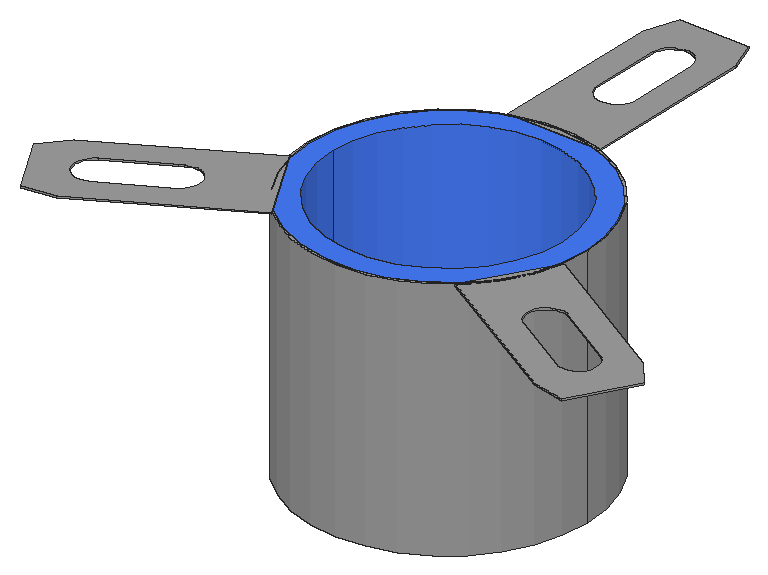
Revit family "Firestop-Wrap_Strip-STI-Series_SS_WBLU_Sealant_1_to_4_floor", category Specialty Equipment, host Floor, Revit 2026
Family settings
  Host = Floor
  Round Connector Dimension = Use Diameter
  Part Type = Normal
  Classification Number = 23.20.50.14.11
  Enable Cutting in Views = No
  Always vertical = Yes
  Cut with Voids When Loaded = No
  Maintain Annotation Orientation = No
  Shared = No
  Room Calculation Point = No
Parameters (values of type "01.5 Pipe")
  URL = "http://www.stifirestop.com/"
  Tested Systems = "http://sti.fmpdata.net/system_search.html"
  Systems  (See "Tested Systems" for addtional) = ""
  Stack height = 0' - 2"
  Screw Hole Width = 0' - 0 5/16"
  Product Page URL = "http://www.stifirestop.com/products/product-selector/ssw-intumescent-wrap-strip/"
  Product Documentation Link = "http://files.systems.stifirestop.com/4.%20Product%20Data%20Sheets/1.%20English/PDS_SSW125,%20SSW250,%20SSW375%20Wrap%20Strip.pdf"
  Pipe OD = 0' - 1 115/128"
  Material = ""
  Manufacturer Phone No. = "800.992.1180"
  Manufacturer Fax No. = "908.526.9623"
  Manufacture Address = "210 Evans Way, Somerville, NJ 08876"
  MSDS = "http://files.systems.stifirestop.com/5.%20Safety%20Data%20Sheet/1.%20English/SDS_BLU%20Wrap%20Strip.pdf"
  Locate Distributor = "http://www.stifirestop.com/"
  Guide Specification = "http://www.stifirestop.com/technical-library/sti-guide-specs/"
  Green Building/LEED® Information = "http://sti.fmpdata.net/ftp/letters/General_LEED_Letter.pdf"
  Galvanized_STI_Steel-Collar = Rap
  Mounting Tabs Small Width = 0' - 0 9/16"
  Mounting Tabs Large Width = 0' - 0 3/4"
  Mounting Tab ID = 0' - 1 11/128"
  Model = "SSWBLU"
  Manufacturer = "Specified Technologies Inc."
  ID of Collar = 0' - 2 35/128"
  Firestop_STI_Intumescent-Blue = STI Molded Intrumescent Insert blu
  Fire Rating = "Up to 4 Hr"
  Description = "Blue Wrap Strip (2\" X 3/16\" X 12')"
  Default Elevation = 0' - 0"
  Contact Technical Service = "http://www.stifirestop.com/contact/"
  Contact Sales = "http://www.stifirestop.com/contact/"
  Color = ""
  Assembly Code = "D4030900"
Types (7): name | Stack height | Screw Hole Width | Pipe OD | Material | Mounting Tabs Small Width | Mounting Tabs Large Width | Mounting Tab ID | ID of Collar | Color
  (no name) | 0' - 2" | 0' - 0 5/16" | 0' - 1 115/128" | "" | 0' - 0 9/16" | 0' - 0 3/4" | 0' - 1 11/128" | 0' - 2 35/128" | ""
  01.5 Pipe | 0' - 2" | 0' - 0 5/16" | 0' - 1 115/128" | "" | 0' - 0 9/16" | 0' - 0 3/4" | 0' - 1 11/128" | 0' - 2 35/128" | ""
  02 Pipe | 0' - 2" | 0' - 0 5/16" | 0' - 2 3/8" | "" | 0' - 0 9/16" | 0' - 0 3/4" | 0' - 1 83/256" | 0' - 2 3/4" | ""
  02.5 Pipe | 0' - 2" | 0' - 0 5/16" | 0' - 2 7/8" | "" | 0' - 0 9/16" | 0' - 0 3/4" | 0' - 1 195/256" | 0' - 3 5/8" | ""
  03 Pipe | 0' - 1 1/2" | 0' - 0 3/8" | 0' - 3 1/2" | "" | 0' - 0 1/2" | 0' - 1" | 0' - 2 19/256" | 0' - 4 1/4" | ""
  03.5 Pipe | 0' - 2" | 0' - 0 3/8" | 0' - 4" | "" | 0' - 0 1/2" | 0' - 1" | 0' - 2 131/256" | 0' - 5 1/8" | ""
  04 Pipe | 0' - 2" | 0' - 0 3/8" | 0' - 4 1/2" | "Flexible intumescent strip faced with plastic" | 0' - 0 1/2" | 0' - 1" | 0' - 2 195/256" | 0' - 5 5/8" | "BLUE"
Reference planes (in)
  plane 1 "Center (Front/Back)": y = 0
  plane 2: z = 0
  plane 3 "Center (Left/Right)": x = 0
  plane 4: x = -0.94922
  plane 5: x = 0.94922
  plane 6: x = -1.13672
  plane 7: x = -1.14872
  plane 8: x = 1.13672
  plane 9: x = 1.14872
  plane 10: z = -14
  plane 11: y = 1.08594
  plane 12: x = -0.375
  plane 13: y = 2.73347
  plane 14: x = -0.28125
  plane 15: x = 0.375
  plane 16: x = 0.28125
  plane 17: y = 2.48347
  plane 18: y = 1.73347
  plane 19: y = 2.29597
  plane 20: x = -0.15625
  plane 21: x = 0.15625
  plane 22: z = -12.012
  plane 23: through (1.34164, 0.15191, 48) normal (0.866, -0.5, 0)
  plane 24: through (2.74422, -1.15137, 48) normal (0.5, 0.866, 0)
  plane 25: through (2.76844, -0.67185, 48) normal (0.866, -0.5, 0)
  plane 26: through (2.69735, -1.23256, 48) normal (0.5, 0.866, 0)
  plane 27: through (2.36922, -1.80088, 48) normal (0.5, 0.866, 0)
  plane 28: through (2.4161, -1.71969, 48) normal (0.5, 0.866, 0)
  plane 29: through (2.55194, -0.54685, 48) normal (0.866, -0.5, 0)
  plane 30: through (1.90242, -0.17185, 48) normal (0.866, -0.5, 0)
  plane 31: through (2.38956, -0.4531, 48) normal (0.866, -0.5, 0)
  plane 32: through (2.55672, -1.47612, 48) normal (0.5, 0.866, 0)
  plane 33: through (2.40047, -1.74676, 48) normal (0.5, 0.866, 0)
  plane 34: through (-0.53926, -1.23785, 48) normal (-0.866, -0.5, 0)
  plane 35: through (-2.36922, -1.80088, 48) normal (0.5, -0.866, 0)
  plane 36: through (-1.96606, -2.06162, 48) normal (-0.866, -0.5, 0)
  plane 37: through (-2.4161, -1.71969, 48) normal (0.5, -0.866, 0)
  plane 38: through (-2.74422, -1.15137, 48) normal (0.5, -0.866, 0)
  plane 39: through (-2.69735, -1.23256, 48) normal (0.5, -0.866, 0)
  plane 40: through (-1.74956, -1.93662, 48) normal (-0.866, -0.5, 0)
  plane 41: through (-1.10004, -1.56162, 48) normal (-0.866, -0.5, 0)
  plane 42: through (-1.58718, -1.84287, 48) normal (-0.866, -0.5, 0)
  plane 43: through (-2.4786, -1.61144, 48) normal (0.5, -0.866, 0)
  plane 44: through (-2.63485, -1.34081, 48) normal (0.5, -0.866, 0)
  plane 45: through (0.40119, -0.69488, 48) normal (-0.866, -0.5, 0)
  plane 46: through (0.40119, 0.69488, 48) normal (0.866, -0.5, 0)
  plane 47: through (0, 0, 48) normal (0.5, 0.866, 0)
  plane 48: through (0, 0, 48) normal (0.5, -0.866, 0)
  plane 49: through (2.74422, -1.15137, 48) normal (0.5, 0.866, 0)
  plane 50: through (2.69735, -1.23256, 48) normal (0.5, 0.866, 0)
  plane 51: through (2.36922, -1.80088, 48) normal (0.5, 0.866, 0)
  plane 52: through (2.4161, -1.71969, 48) normal (0.5, 0.866, 0)
  plane 53: through (2.55672, -1.47612, 48) normal (0.5, 0.866, 0)
  plane 54: through (2.40047, -1.74676, 48) normal (0.5, 0.866, 0)
  plane 55: through (2.74422, -1.15137, 48) normal (0.5, 0.866, 0)
  plane 56: through (2.69735, -1.23256, 48) normal (0.5, 0.866, 0)
  plane 57: through (2.36922, -1.80088, 48) normal (0.5, 0.866, 0)
  plane 58: through (2.4161, -1.71969, 48) normal (0.5, 0.866, 0)
  plane 59: through (2.65047, -1.31375, 48) normal (0.5, 0.866, 0)
  plane 60: through (2.46297, -1.6385, 48) normal (0.5, 0.866, 0)
  plane 61: through (2.74422, -1.15137, 48) normal (0.5, 0.866, 0)
  plane 62: through (2.69735, -1.23256, 48) normal (0.5, 0.866, 0)
  plane 63: through (2.36922, -1.80088, 48) normal (0.5, 0.866, 0)
  plane 64: through (2.4161, -1.71969, 48) normal (0.5, 0.866, 0)
  plane 65: through (2.63485, -1.34081, 48) normal (0.5, 0.866, 0)
  plane 66: through (2.4786, -1.61144, 48) normal (0.5, 0.866, 0)
  plane 67: through (-3.07306, -2.70074, 48) normal (-0.866, -0.5, 0)
  plane 68: through (-2.36922, -1.80088, 48) normal (0.5, -0.866, 0)
  plane 69: through (-4.49986, -3.52451, 48) normal (-0.866, -0.5, 0)
  plane 70: through (-2.4161, -1.71969, 48) normal (0.5, -0.866, 0)
  plane 71: through (-2.74422, -1.15137, 48) normal (0.5, -0.866, 0)
  plane 72: through (-2.69735, -1.23256, 48) normal (0.5, -0.866, 0)
  plane 73: through (-4.28336, -3.39951, 48) normal (-0.866, -0.5, 0)
  plane 74: through (-3.63384, -3.02451, 48) normal (-0.866, -0.5, 0)
  plane 75: through (-4.12098, -3.30576, 48) normal (-0.866, -0.5, 0)
  plane 76: through (-2.4786, -1.61144, 48) normal (0.5, -0.866, 0)
  plane 77: through (-2.63485, -1.34081, 48) normal (0.5, -0.866, 0)
Forms (in)
  Extrusion 1, solid, material "Rap" <- "Galvanized_STI_Steel-Collar"
    sketch origin (0, 0, 0) x (1, 0, 0) y (0, 1, 0)
      loop
        circle (0, 0) r 1.14872
      loop
        circle (0, 0) r 1.13672
    from -12 to -14
  Extrusion 2, solid, material "Rap" <- "Galvanized_STI_Steel-Collar"
    sketch origin (0, 0, 0) x (1, 0, 0) y (0, 1, 0)
      loop
        line (-0.375, 2.48347) -> (-0.375, 1.08594) -> (0.375, 1.08594) -> (0.375, 2.48347) -> (0.28125, 2.73347) -> (-0.28125, 2.73347) -> (-0.375, 2.48347)
      loop
        line (-0.15625, 2.29597) -> (-0.15625, 1.73347)
        arc (-0.15625, 1.73347) -> (0, 1.57722) -> (0.15625, 1.73347) r 0.15625
        line (0.15625, 1.73347) -> (0.15625, 2.29597)
        arc (0.15625, 2.29597) -> (0, 2.45222) -> (-0.15625, 2.29597) r 0.15625
    from -12 to -12.012
  Extrusion 3, solid, material "Rap" <- "Galvanized_STI_Steel-Collar"
    sketch origin (0, 0, 0) x (-0.5, 0.866025, 0) y (-0.866025, -0.5, 0)
      loop
        line (-0.375, 2.48347) -> (-0.375, 1.08594) -> (0.375, 1.08594) -> (0.375, 2.48347) -> (0.28125, 2.73347) -> (-0.28125, 2.73347) -> (-0.375, 2.48347)
      loop
        line (-0.15625, 2.29597) -> (-0.15625, 1.73347)
        arc (-0.15625, 1.73347) -> (0, 1.57722) -> (0.15625, 1.73347) r 0.15625
        line (0.15625, 1.73347) -> (0.15625, 2.29597)
        arc (0.15625, 2.29597) -> (0, 2.45222) -> (-0.15625, 2.29597) r 0.15625
    from -12 to -12.012
  Extrusion 4, solid, material "Rap" <- "Galvanized_STI_Steel-Collar"
    sketch origin (0, 0, 0) x (-0.5, -0.866025, 0) y (0.866025, -0.5, 0)
      loop
        line (-0.375, 2.48347) -> (-0.375, 1.08594) -> (0.375, 1.08594) -> (0.375, 2.48347) -> (0.28125, 2.73347) -> (-0.28125, 2.73347) -> (-0.375, 2.48347)
      loop
        line (-0.15625, 2.29597) -> (-0.15625, 1.73347)
        arc (-0.15625, 1.73347) -> (0, 1.57722) -> (0.15625, 1.73347) r 0.15625
        line (0.15625, 1.73347) -> (0.15625, 2.29597)
        arc (0.15625, 2.29597) -> (0, 2.45222) -> (-0.15625, 2.29597) r 0.15625
    from -12 to -12.012
  Extrusion 5, solid, material "STI Molded Intrumescent Insert blu" <- "Firestop_STI_Intumescent-Blue"
    sketch origin (0, 0, 0) x (1, 0, 0) y (0, 1, 0)
      loop
        circle (0, 0) r 1.13672
      loop
        circle (0, 0) r 0.94922
    from -14 to -12
Lines and regions (in)
  Opening 1
    outline origin (60, 60, 0) x (0, 1, 0) y (-1, 0, 0)
      loop
        circle (-60, 60) r 0.94922
Dimensions and locks (in)
  equal spacing: host sketch curve, plane 1 "Center (Front/Back)", host sketch curve
  equal spacing: host sketch curve, plane 3 "Center (Left/Right)", host sketch curve
  host sketch curve to host sketch curve = 10' - 0"  (x2)
  equal spacing: plane 4, plane 3 "Center (Left/Right)", plane 5
  "Pipe OD": plane 4 to plane 5
  equal spacing: plane 6, plane 3 "Center (Left/Right)", plane 8
  "ID of Collar": plane 6 to plane 8
  locked: plane 7 to plane 6 at 0.012
  locked: plane 8 to plane 9 at 0.012
  "Stack height": host floor to plane 10
  locked: plane 36 to plane 34 at 1.64753
  locked: plane 36 to plane 41 at 1
  locked: plane 36 to plane 40 at 0.25
  "Mounting Tab ID": plane 34 to plane 45
  locked: plane 25 to plane 23 at 1.64753
  locked: plane 25 to plane 29 at 0.25
  locked: plane 25 to plane 30 at 1
  locked: plane 13 to plane 11 at 1.64753
  locked: plane 13 to plane 17 at 0.25
  locked: plane 13 to plane 18 at 1
  "Mounting Tab ID": plane 11 to plane 1 "Center (Front/Back)"
  equal spacing: plane 20, plane 3 "Center (Left/Right)", plane 21
  "Screw Hole Width": plane 20 to plane 21
  equal spacing: plane 14, plane 3 "Center (Left/Right)", plane 16
  "Mounting Tabs Small Width": plane 14 to plane 16
  equal spacing: plane 12, plane 3 "Center (Left/Right)", plane 15
  "Mounting Tabs Large Width": plane 12 to plane 15
  locked: plane 13 to plane 19 at 0.4375
  locked: plane 25 to plane 31 at 0.4375
  locked: plane 36 to plane 42 at 0.4375
  equal spacing: plane 35, plane 48, plane 38
  "Mounting Tabs Large Width": plane 35 to plane 38
  equal spacing: plane 27, plane 47, plane 24
  "Mounting Tabs Large Width": plane 27 to plane 24
  equal spacing: plane 28, plane 47, plane 26
  "Mounting Tabs Small Width": plane 28 to plane 26
  equal spacing: plane 39, plane 48, plane 37
  "Mounting Tabs Small Width": plane 39 to plane 37
  equal spacing: plane 44, plane 48, plane 43
  "Screw Hole Width": plane 44 to plane 43
  locked: plane 22 to host floor at 0.012
  equal spacing: plane 51, plane 47, plane 49
  "Mounting Tabs Large Width": plane 51 to plane 49
  equal spacing: plane 52, plane 47, plane 50
  "Mounting Tabs Small Width": plane 52 to plane 50
  equal spacing: plane 57, plane 47, plane 55
  equal spacing: plane 58, plane 47, plane 56
  "Mounting Tabs Small Width": plane 58 to plane 56
  equal spacing: plane 60, plane 47, plane 59
  plane 60 to plane 59 = 0' - 0 3/8"
  equal spacing: plane 63, plane 47, plane 61
  equal spacing: plane 64, plane 47, plane 62
  "Mounting Tabs Small Width": plane 64 to plane 62
  equal spacing: plane 66, plane 47, plane 65
  "Screw Hole Width": plane 66 to plane 65
  locked: plane 69 to plane 67 at 1.64753
  locked: plane 69 to plane 74 at 1
  locked: plane 69 to plane 73 at 0.25
  locked: plane 69 to plane 75 at 0.4375
  equal spacing: plane 68, plane 48, plane 71
  "Mounting Tabs Large Width": plane 68 to plane 71
  equal spacing: plane 72, plane 48, plane 70
  "Mounting Tabs Small Width": plane 72 to plane 70
  equal spacing: plane 77, plane 48, plane 76
  "Screw Hole Width": plane 77 to plane 76
  "Mounting Tab ID": plane 23 to plane 46
  aligned and locked: level to plane 2
  aligned and locked: plane 1 "Center (Front/Back)" to Extrusion 1 sketch curve  (x2)
  aligned and locked: plane 9 to Extrusion 1 sketch curve
  aligned and locked: Extrusion 1 to plane 10
  aligned and locked: Extrusion 1 to host floor
  aligned and locked: plane 17 to Extrusion 2 sketch curve
  aligned and locked: Extrusion 2 sketch curve to plane 13
  aligned and locked: plane 12 to Extrusion 2 sketch curve
  aligned and locked: Extrusion 2 sketch curve to plane 11
  aligned and locked: plane 15 to Extrusion 2 sketch curve
  aligned and locked: Extrusion 2 to plane 22
  aligned and locked: Extrusion 2 to host floor
  aligned and locked: Extrusion 1 to Extrusion 2
  aligned and locked: Extrusion 3 to plane 34
  aligned and locked: plane 36 to Extrusion 3
  aligned and locked: Extrusion 3 to plane 38
  aligned and locked: plane 35 to Extrusion 3
  aligned and locked: Extrusion 3 to plane 43
  aligned and locked: plane 44 to Extrusion 3
  aligned and locked: Extrusion 2 to Extrusion 3
  aligned and locked: Extrusion 3 to host floor
  aligned and locked: Extrusion 4 to plane 63
  aligned and locked: plane 61 to Extrusion 4
  aligned and locked: plane 66 to Extrusion 4
  aligned and locked: Extrusion 4 to plane 65
  aligned and locked: Extrusion 4 to host floor
  aligned and locked: Extrusion 4 to plane 22
  aligned and locked: plane 21 to Extrusion 2
  aligned and locked: Extrusion 2 to plane 20
  aligned and locked: plane 6 to Extrusion 5 sketch curve
  aligned and locked: plane 4 to Extrusion 5 sketch curve
  aligned and locked: Extrusion 5 to plane 10
  aligned and locked: Extrusion 5 to host floor
Automatic sketch dimensions
  Extrusion 1 sketch curve to Extrusion 1 sketch curve = 0' - 0"  (x6)
  Extrusion 1 sketch curve to plane 7 = 0' - 0"
  Extrusion 1 sketch curve to plane 6 = 0' - 0"
  Extrusion 2 sketch curve to plane 14 = 0' - 0 1/8"
  Extrusion 2 sketch curve to plane 14 = 0' - 0"
  Extrusion 2 sketch curve to plane 3 "Center (Left/Right)" = 0' - 0"
  Extrusion 2 sketch curve to plane 16 = 0' - 0"
  Extrusion 2 sketch curve to plane 18 = 0' - 0"
  Extrusion 2 sketch curve to plane 19 = 0' - 0"
  Extrusion 2 sketch curve to plane 17 = 0' - 0"
  Extrusion 3 sketch curve to plane 35 = 0' - 0"
  Extrusion 3 sketch curve to plane 37 = 0' - 0 1/8"
  plane 36 to Extrusion 3 sketch curve = 0' - 0"
  Extrusion 3 sketch curve to plane 37 = 0' - 0"
  plane 42 to Extrusion 3 sketch curve = 0' - 0"
  plane 48 to Extrusion 3 sketch curve = 0' - 0"
  Extrusion 3 sketch curve to plane 39 = 0' - 0"
  plane 34 to Extrusion 3 sketch curve = 0' - 0"
  Extrusion 3 sketch curve to plane 38 = 0' - 0"
  plane 41 to Extrusion 3 sketch curve = 0' - 0"
  plane 40 to Extrusion 3 sketch curve = 0' - 0"  (x2)
  plane 24 to Extrusion 4 sketch curve = 0' - 0"
  plane 25 to Extrusion 4 sketch curve = 0' - 0"
  Extrusion 4 sketch curve to plane 26 = 0' - 0"
  plane 30 to Extrusion 4 sketch curve = 0' - 0"
  plane 32 to Extrusion 4 sketch curve = 0' - 0 5/32"
  plane 31 to Extrusion 4 sketch curve = 0' - 0"
  Extrusion 4 sketch curve to plane 47 = 0' - 0"
  plane 28 to Extrusion 4 sketch curve = 0' - 0"
  plane 27 to Extrusion 4 sketch curve = 0' - 0"
  plane 23 to Extrusion 4 sketch curve = 0' - 0"
  plane 29 to Extrusion 4 sketch curve = 0' - 0"  (x2)
  plane 1 "Center (Front/Back)" to Opening 1 sketch curve = 0' - 0"
  Opening 1 sketch curve to plane 5 = 0' - 0"
  Opening 1 sketch curve to plane 3 "Center (Left/Right)" = 0' - 0"
  Extrusion 5 sketch curve to Extrusion 5 sketch curve = 0' - 0"  (x2)
  plane 1 "Center (Front/Back)" to Extrusion 5 sketch curve = 0' - 0"
  Extrusion 5 sketch curve to plane 3 "Center (Left/Right)" = 0' - 0"
